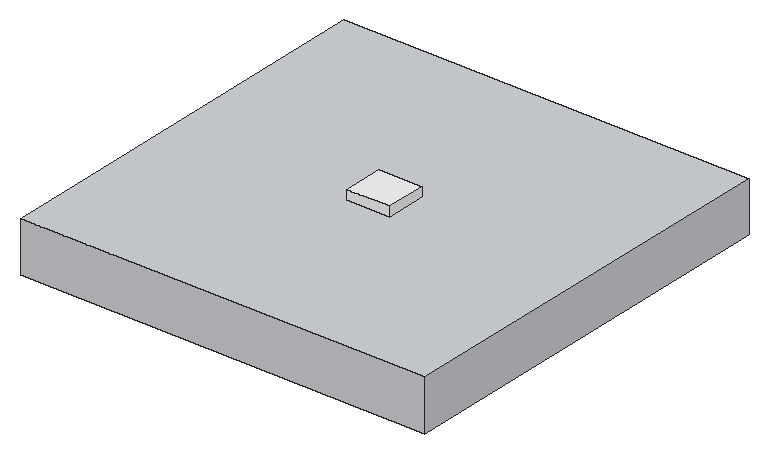
Revit family "SIGUR E510", category Датчики, Revit 2018
Family settings
  Основа = Грань
  Сохранять ориентацию аннотаций = Нет
  Размер круглого соединителя = Использовать диаметр
  Тип детали = Нормальный
  При загрузке вырезать с полостями = Нет
  Общий = Нет
  Точка расчета площади = Да
Parameters
  УГО_Размер = ADSK_Размер_Высота  # 240 mm
  УГО_Отступ_Упр [instance] = УГО_Отступ_Основа + УГО_Размер / 2  # 120 mm
  УГО_Отступ_Ось [instance] = 0 mm
  УГО_Отступ_Основа [instance] = 0 mm
  Разработчик (телефон) = "+7(495)649-85-43"  # constant formula
  Разработчик (email) = "office@prorubim.com"  # constant formula
  Разработчик (URL) = "http://prorubim.com/ru/"
  Разработчик = "ООО ПРОРУБИМ"  # constant formula
  Default Elevation = 0 mm
  Изготовитель (телефон) = "8 (800) 700-31-83"  # constant formula
  Изготовитель (email) = "https://sigur.com"  # constant formula
  Изготовитель = "SIGUR"  # constant formula
  URL = "https://www.sigur.com/products/controllers/e510/"
  ADSK_Ток = ADSK_Номинальная мощность / (ADSK_Коэффициент мощности * ADSK_Напряжение * sqrt(ADSK_Количество фаз))  # 0.296296 A
  ADSK_Размер_Ширина = 260 mm  # constant formula
  ADSK_Размер_Толщина = 57 mm  # constant formula
  ADSK_Размер_Высота = 240 mm  # constant formula
  ADSK_Полная мощность = ADSK_Номинальная мощность / ADSK_Коэффициент мощности  # 4.44444 VA
  ADSK_Обозначение = "SIGUR"  # constant formula
  ADSK_Номинальная мощность = 4 W
  ADSK_Напряжение = 15 V  # constant formula
  ADSK_Наименование краткое = "E510"  # constant formula
  ADSK_Наименование = "Контроллер E510"  # constant formula
  ADSK_Материал = SIGUR_Белый
  ADSK_Масса_Текст = "1.542"  # constant formula
  ADSK_Масса = 1.542  # constant formula
  ADSK_Марка = ADSK_Обозначение  # "SIGUR"
  ADSK_Коэффициент мощности = 0.9  # constant formula
  ADSK_Количество фаз числовое = 1  # constant formula
  ADSK_Количество фаз = 1  # constant formula
  ADSK_Количество = 1  # constant formula
  ADSK_Код изделия = ""
  ADSK_Классификация нагрузок = Прочее
  ADSK_Завод-изготовитель = "ООО Промавтоматика-КД, Нижний Новгород"  # constant formula
  ADSK_Единица измерения = "шт."  # constant formula
  ADSK_Группирование [instance] = ""
  ADSK_Версия семейства = "v1"  # constant formula
  ADSK_Версия Revit = "Revit 2018"  # constant formula
  ADSK_URL страницы изделия = "https://www.sigur.com/products/controllers/e510/"
Reference planes
  plane 1 "По центру (Вперед/Назад)": y = 0
  plane 2: z = 0
  plane 3 "По центру (Влево/Вправо)": x = 0
  plane 4: y = 120
  plane 5: y = -120
  plane 6: x = -130
  plane 7: x = 130
Forms (mm)
  Extrusion 1, solid
    sketch origin (0, 0, 0) x (1, 0, 0) y (0, 1, 0)
      loop
        line (-1219.2, 1219.2) -> (-1219.2, -1219.2) -> (1219.2, -1219.2) -> (1219.2, 1219.2) -> (-1219.2, 1219.2)
    from 0 to -304.8
  Extrusion 2, solid, material "SIGUR_Белый" <- "ADSK_Материал", detail levels medium+fine
    sketch origin (0, 0, 0) x (1, 0, 0) y (0, 1, 0)
      loop
        line (-130, 120) -> (-130, -120) -> (130, -120) -> (130, 120) -> (-130, 120)
    from 0 to 57 <- "ADSK_Размер_Толщина"
Dimensions and locks
  equal spacing: plane 6, plane 3 "По центру (Влево/Вправо)", plane 7
  equal spacing: plane 4, plane 1 "По центру (Вперед/Назад)", plane 5
  "ADSK_Размер_Ширина": plane 6 to plane 7
  "ADSK_Размер_Высота": plane 4 to plane 5
  "УГО_Отступ_Ось": nested 1 to plane 3 "По центру (Влево/Вправо)"
  "УГО_Отступ_Упр": nested 1 to plane 2
  aligned and locked: plane 2 to Extrusion 1
  aligned and locked: level to Extrusion 1
  aligned and locked: plane 1 "По центру (Вперед/Назад)" to nested 2
  aligned and locked: plane 3 "По центру (Влево/Вправо)" to nested 2
  aligned and locked: Extrusion 2 sketch curve to plane 4
  aligned and locked: plane 6 to Extrusion 2 sketch curve
  aligned and locked: plane 5 to Extrusion 2 sketch curve
  aligned and locked: Extrusion 2 sketch curve to plane 7
Automatic sketch dimensions
  Extrusion 1 sketch curve to Extrusion 1 sketch curve = 2438.4 mm  (x2)
Nested families
  nested 1: "Вл_Контроллер_УГО_SIGUR" at (0, 0, 120) x (1, 0, 0) z (0, -1, 0), Ширина <- "УГО_Размер", type "Вл_Контроллер_УГО_SIGUR", detail levels coarse
    with Ширина 240 mm, Символические yes, Отступ 40 mm, Модель no
  nested 2: "Вл_Контроллер_УГО_SIGUR" at (0, 0, 0), Ширина <- "УГО_Размер", type "Вл_Контроллер_УГО_SIGUR", detail levels coarse+fine
    with Ширина 240 mm, Символические no, Отступ 40 mm, Модель yes
Connectors
  electrical at (0, 0, 0), driven by "ADSK_Напряжение", driven by "ADSK_Полная мощность", driven by "ADSK_Количество фаз", driven by "ADSK_Коэффициент мощности"
    settings: index 1, voltage 15 V, apparent load 4.44444 VA, apparent load phase1 0 VA, apparent load phase2 0 VA, apparent load phase3 0 VA, power factor 0.9, load classification "Прочее", number of poles 1, system type 30, power factor state 1, is connector primary yes, connector utility no, sub classification motor no, connector description ""
  electrical at (0, 0, 57), driven by "ADSK_Напряжение", driven by "ADSK_Полная мощность", driven by "ADSK_Полная мощность", driven by "ADSK_Коэффициент мощности", driven by "ADSK_Количество фаз"
    settings: on Extrusion 2, index 2, voltage 15 V, apparent load 4.44444 VA, apparent load phase1 4.44444 VA, apparent load phase2 0 VA, apparent load phase3 0 VA, power factor 0.9, load classification "Прочее", number of poles 1, system type 5, power factor state 1, is connector primary no, connector utility no, sub classification motor no, connector description ""
Definition of nested family "Вл_Контроллер_УГО_SIGUR"
  Parameters (values of type "Вл_Контроллер_УГО_SIGUR")
    Ширина [instance] = 200 mm
    Символические [instance] = yes
    Отступ [instance] = Ширина / 6  # 33.333 mm
    Default Elevation = 1200 mm
    Модель [instance] = not(Символические)  # no
  Reference planes
    plane 1 "По центру (Вперед/Назад)": y = 0
    plane 2: z = 0
    plane 3 "По центру (Влево/Вправо)": x = 0
    plane 4: y = 100
    plane 5: x = -100
    plane 6: y = -100
    plane 7: x = 100
  Forms (mm)
    Extrusion 1, solid
      sketch origin (0, 0, 0) x (1, 0, 0) y (0, 1, 0)
        loop
          line (-1219.2, 1219.2) -> (-1219.2, -1219.2) -> (1219.2, -1219.2) -> (1219.2, 1219.2) -> (-1219.2, 1219.2)
      from 0 to -304.8
  Lines and regions (mm)
    symbolic lines, visible <- "Символические", detail levels coarse+medium
      curve 1: line (-100, 100, 0) -> (100, 100, 0)
      curve 2: line (-100, -100, 0) -> (-100, 100, 0)
      curve 3: line (100, -100, 0) -> (-100, -100, 0)
      curve 4: line (100, 100, 0) -> (100, -100, 0)
      curve 5: line (-66.667, 66.667, 0) -> (66.667, 66.667, 0)
      curve 6: line (-66.667, -66.667, 0) -> (-66.667, 66.667, 0)
      curve 7: line (66.667, -66.667, 0) -> (-66.667, -66.667, 0)
      curve 8: line (66.667, 66.667, 0) -> (66.667, -66.667, 0)
      curve 9: line (-66.667, 66.667, 0) -> (66.667, -66.667, 0)
      curve 10: line (-66.667, -66.667, 0) -> (66.667, 66.667, 0)
    model lines, visible <- "Модель", detail levels coarse+medium
      curve 11: line (-100, 100, 0) -> (100, 100, 0)
      curve 12: line (-100, -100, 0) -> (-100, 100, 0)
      curve 13: line (100, -100, 0) -> (-100, -100, 0)
      curve 14: line (100, 100, 0) -> (100, -100, 0)
      curve 15: line (-66.667, -66.667, 0) -> (-66.667, 66.667, 0)
      curve 16: line (-66.667, 66.667, 0) -> (66.667, 66.667, 0)
      curve 17: line (66.667, 66.667, 0) -> (66.667, -66.667, 0)
      curve 18: line (66.667, -66.667, 0) -> (-66.667, -66.667, 0)
      curve 19: line (-66.667, 66.667, 0) -> (66.667, -66.667, 0)
      curve 20: line (66.667, 66.667, 0) -> (-66.667, -66.667, 0)
  Dimensions and locks
    equal spacing: plane 5, plane 3 "По центру (Влево/Вправо)", plane 7
    equal spacing: plane 4, plane 1 "По центру (Вперед/Назад)", plane 6
    "Ширина": plane 5 to plane 7
    "Ширина": plane 4 to plane 6
    "Отступ": plane 4 to curve 5
    "Отступ": plane 5 to curve 6
    "Отступ": curve 7 to plane 6
    "Отступ": curve 8 to plane 7
    "Отступ": plane 4 to curve 16
    "Отступ": plane 5 to curve 15
    "Отступ": curve 18 to plane 6
    "Отступ": curve 17 to plane 7
    aligned and locked: plane 2 to Extrusion 1
    aligned and locked: level to Extrusion 1
    aligned and locked: curve 11 to plane 4
    aligned and locked: plane 5 to curve 12
    aligned and locked: plane 6 to curve 13
    aligned and locked: curve 14 to plane 7
  Automatic sketch dimensions
    Extrusion 1 sketch curve to Extrusion 1 sketch curve = 2438.4 mm  (x2)
    curve 20 to curve 6 = 0 mm
